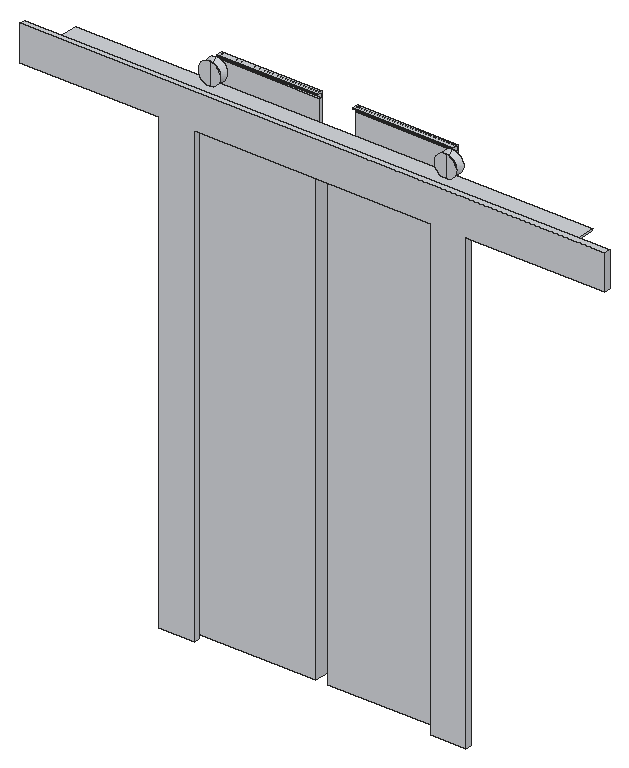
Revit family "Mark IV Horizontal Bi Parting (Manual)", category Doors, host Wall, Revit 2014
Parameters (values of type "Mark IV Horizontal Bi Parting (Manual)")
  Windows [instance] = Windows : 5" X 20"
  WIC = 40"
  Swing Angle [instance] = 45.00°
  Shutter = none
  PUSH-Side [instance] = Latches : Lever
  PUSH-KickPlate [instance] = KickPlate : 10"
  OVERALL FRAME WIDTH = WIC + 4"  # 44"
  OVERALL FRAME HEIGHT = HIC + 2"  # 79 1/2"
  PULL-Side [instance] = Latches : Lever
  PULL-KickPlate [instance] = KickPlate : 10"
  Hinges [instance] = Hinges : SS BallBearing
  HIC = 77 1/2"
  Function = Interior
  Frame Projection Ext. = 1"
  Frame Projection Int. = 1"
  Frame Width = 3"
  Height = 60"
  Wall Closure = By host
  Width = 36"
  Frame = none
  LATCH STRIKE TAPPING BAR = 41"
  DOOR CLOSER = 14"
  Closure Offset = 8"
  Closer [instance] = yes
  Clearance Required = (2 * WIC) + 19"  # 99"
  Analytic Construction = "<None>"
Reference planes (in)
  plane 1 "Center (Front/Back)": y = 0
  plane 2 "Center (Left/Right)": x = 0
  plane 3 "Exterior": y = 4
  plane 4 "Interior": y = -4
  plane 5: x = 20
  plane 6: x = -20
  plane 7 "HIC": z = 77.5
  plane 8: y = 6
  plane 9: x = -22
  plane 10: z = 79.5
  plane 11: y = 4.98652
  plane 12: y = 10
  plane 13: z = 83.5
  plane 14 "Panel L": x = 21.98977
  plane 15: x = -24
  plane 16: z = 79.5
  plane 17: z = 0
  plane 18: z = 51.48172
  plane 19: x = 21.98977
  plane 20: x = 27.98977
  plane 21: x = -49.5
  plane 22: y = 5
  plane 23: y = 10.5625
  plane 24: x = -43.75
  plane 25 "panel r": x = -22
  plane 26: x = 26
  plane 27: x = -86.69812
  plane 28: x = -80.69812
  plane 29: x = -82.51869
  plane 30: x = -51.23744
  plane 31: x = -49.14639
  plane 32: x = -17.80245
  plane 33: x = -19.69812
  plane 34: x = -50.18194
  plane 35: x = 1
  plane 36: x = -1
  plane 37: x = -55.98744
  plane 38: x = -44.68194
  plane 39: x = 49.5
  plane 40: x = 43.75
  plane 41: x = 3
  plane 42: x = -3
Forms (in)
  Extrusion 1, solid, material <- "Shutter"
    sketch origin (0, 5, 0) x (1, 0, 0) y (0, 0, 1)
      loop
        line (21.98977, 79.5) -> (1, 79.5) -> (1, 0) -> (21.98977, 0) -> (21.98977, 79.5)
    from -5 to -1
  Extrusion 2, solid, material <- "Frame"
    sketch origin (0, 0, 0) x (1, 0, 0) y (0, 1, 0)
      loop
        line (20, 4) -> (26, 4) -> (26, 5) -> (20, 5) -> (20, 4)
    from 0 to 83.5
  Extrusion 3, solid, material <- "Frame"
    sketch origin (-69.98977, 0, 0) x (1, 0, 0) y (0, 1, 0)
      loop
        line (43.98977, 4) -> (49.98977, 4) -> (49.98977, 5) -> (43.98977, 5) -> (43.98977, 4)
    from 0 to 83.5
  Extrusion 4, solid, material <- "Frame"
    sketch origin (0, 0, 0) x (1, 0, 0) y (0, 0, 1)
      loop
        line (49.5, 83.5) -> (-49.5, 83.5) -> (-49.5, 77.5) -> (49.5, 77.5) -> (49.5, 83.5)
    from -5 to -4
  Sweep 5, solid
    path origin (0, 0, 0) x (1, 0, 0) y (0, 0, 1)
      loop
        line (43.75, 83.5) -> (-43.75, 83.5)
    profile origin (0, 0, 83.5) x (0, 0, -1) y (0, -1, 0)
      loop
        line (0.5, -5) -> (0.5, -8.58617) -> (0.78125, -8.30492) -> (0.78125, -5.23652) -> (3.5, -5.23652) -> (3.5, -5) -> (0.5, -5)
  Sweep 6, solid
    path origin (0, 0, 0) x (1, 0, 0) y (0, 0, 1)
      loop
        line (-3, 87.5) -> (-20, 87.5)
    profile origin (-11.5, 0, 87.5) x (0, 0, -1) y (0, -1, 0)
      loop
        line (1.40922, -9.32799) -> (1.40922, -9.6822) -> (0.74593, -9.6822)
        arc (0.74593, -9.6822) -> (0.68178, -9.62086) -> (0.65817, -9.5353) r 0.16683
        line (0.65817, -9.5353) -> (0.65817, -8.76109) -> (0.54276, -8.76109) -> (0.54276, -9.81212) -> (6.11057, -9.81212)
        arc (6.11057, -9.81212) -> (6.17753, -9.76735) -> (6.2223, -9.70039) r 0.2067
        line (6.2223, -9.70039) -> (6.2223, -8.75329) -> (6.11057, -8.75329) -> (6.11057, -9.6822) -> (5.37644, -9.6822)
        arc (5.37644, -9.6822) -> (5.85233, -9.48508) -> (6.04945, -9.00919) r 0.67301
        line (6.04945, -9.00919) -> (6.04945, -6.75919) -> (5.65982, -6.75919) -> (5.65982, -9.00919)
        arc (5.65982, -9.00919) -> (5.45596, -9.24152) -> (5.15922, -9.32799) r 0.55243
        line (5.15922, -9.32799) -> (1.40922, -9.32799)
  Extrusion 7, solid, material <- "Shutter"
    sketch origin (0, 5, 0) x (1, 0, 0) y (0, 0, 1)
      loop
        line (-1, 79.5) -> (-24, 79.5) -> (-24, 0) -> (-1, 0) -> (-1, 79.5)
    from -5 to -1
  Sweep 8, solid
    path origin (0, 0, 0) x (1, 0, 0) y (0, 0, 1)
      loop
        line (20, 87.5) -> (3, 87.5)
    profile origin (11.5, 0, 87.5) x (0, 0, -1) y (0, -1, 0)
      loop
        line (1.40922, -9.32799) -> (1.40922, -9.6822) -> (0.74593, -9.6822)
        arc (0.74593, -9.6822) -> (0.68178, -9.62086) -> (0.65817, -9.5353) r 0.16683
        line (0.65817, -9.5353) -> (0.65817, -8.76109) -> (0.54276, -8.76109) -> (0.54276, -9.81212) -> (6.11057, -9.81212)
        arc (6.11057, -9.81212) -> (6.17753, -9.76735) -> (6.2223, -9.70039) r 0.2067
        line (6.2223, -9.70039) -> (6.2223, -8.75329) -> (6.11057, -8.75329) -> (6.11057, -9.6822) -> (5.37644, -9.6822)
        arc (5.37644, -9.6822) -> (5.85233, -9.48508) -> (6.04945, -9.00919) r 0.67301
        line (6.04945, -9.00919) -> (6.04945, -6.75919) -> (5.65982, -6.75919) -> (5.65982, -9.00919)
        arc (5.65982, -9.00919) -> (5.45596, -9.24152) -> (5.15922, -9.32799) r 0.55243
        line (5.15922, -9.32799) -> (1.40922, -9.32799)
Cuts and joins
  joined: Extrusion 2, Extrusion 3, Extrusion 4
Lines and regions (in)
  Opening 1
    outline origin (-60, -4, 0) x (1, 0, 0) y (0, 0, 1)
      loop
        line (80, 77.5) -> (40, 77.5) -> (40, 0) -> (80, 0) -> (80, 77.5)
Text (in)
  text "Exterior" at (-74.96733, 27.31104, 0), in view "Ref. Level"
  text "Interior" at (-74.96733, -25.14366, 0), in view "Ref. Level"
  text "Exterior" at (0, 40.15149, 123.01588), in view "Right"
  text "Interior" at (0, -64.39139, 123.01588), in view "Right"
  text "Interior" at (0, -31.01599, 123.00693), in view "Left"
  text "Exterior" at (0, 54.57065, 123.00693), in view "Left"
Dimensions and locks (in)
  equal spacing: plane 6, plane 2 "Center (Left/Right)", plane 5
  "HIC": level to plane 7 "HIC"
  "WIC": plane 6 to plane 5
  locked: plane 9 to plane 6 at 2
  locked: plane 7 "HIC" to plane 10 at 2
  locked: Extrusion 2 sketch curve to Extrusion 2 sketch curve at 6
  locked: Extrusion 2 sketch curve to Extrusion 2 sketch curve at 1
  locked: Extrusion 3 sketch curve to Extrusion 3 sketch curve at 6
  locked: Extrusion 3 sketch curve to Extrusion 3 sketch curve at 1
  locked: plane 3 "Exterior" to plane 8 at 2
  locked: plane 12 to plane 8 at 4
  locked: plane 7 "HIC" to plane 13 at 6
  locked: plane 7 "HIC" to plane 16 at 2
  locked: plane 15 to plane 6 at 4
  plane 5 to plane 14 "Panel L" = 1.98977"
  locked: plane 5 to plane 19 at 1.98977
  Extrusion 4 sketch curve to Extrusion 4 sketch curve = 6"
  locked: plane 7 "HIC" to Extrusion 4 at 6
  plane 20 to plane 14 "Panel L" = 6"
  locked: plane 3 "Exterior" to plane 22 at 1
  locked: plane 21 to plane 24 at 5.75
  locked: plane 7 "HIC" to Sweep 6 sketch curve at 10
  locked: plane 7 "HIC" to Sweep 5 sketch curve at 6
  locked: cut or joined group of Extrusion 2, Extrusion 3, Extrusion 4 to plane 3 "Exterior" at 1
  locked: Sweep 6 sketch curve to plane 3 "Exterior" at 5.32799
  locked: plane 5 to plane 26 at 6
  locked: plane 25 "panel r" to plane 6 at 2
  locked: nested 1 to plane 3 "Exterior" at 3.9231
  locked: nested 2 to plane 3 "Exterior" at 3.9231
  locked: nested 1 to plane 16 at 5.34361
  locked: level to nested 3 at 43
  locked: plane 2 "Center (Left/Right)" to plane 35 at 1
  locked: plane 36 to plane 2 "Center (Left/Right)" at 1
  locked: plane 2 "Center (Left/Right)" to nested 3 at 6
  locked: nested 4 to plane 2 "Center (Left/Right)" at 6
  locked: level to nested 4 at 43
  locked: plane 39 to plane 40 at 5.75
  equal spacing: plane 39, plane 2 "Center (Left/Right)", plane 21
  "Clearance Required": plane 39 to plane 21
  locked: plane 41 to plane 35 at 2
  locked: plane 36 to plane 42 at 2
  aligned and locked: plane 3 "Exterior" to host wall
  aligned and locked: plane 4 "Interior" to host wall
  aligned and locked: Opening 1 sketch curve to level
  aligned and locked: host wall to Extrusion 1 sketch curve
  aligned and locked: plane 3 "Exterior" to Extrusion 2 sketch curve
  aligned and locked: Extrusion 2 sketch curve to host wall
  aligned and locked: Opening 1 sketch curve to plane 7 "HIC"
  aligned and locked: plane 24 to Sweep 5 sketch curve
  aligned and locked: Sweep 5 sketch curve to plane 22
  aligned and locked: plane 5 to Opening 1 sketch curve
  aligned and locked: Opening 1 sketch curve to plane 6
  aligned and locked: plane 26 to cut or joined group of Extrusion 2, Extrusion 3, Extrusion 4
  aligned and locked: Extrusion 1 sketch curve to plane 19
  aligned and locked: Extrusion 3 sketch curve to plane 6
  aligned and locked: nested 1 to plane 6
  aligned and locked: nested 2 to plane 5
  aligned and locked: nested 1 to nested 2
  aligned and locked: plane 6 to Sweep 6 sketch curve
  aligned and locked: Extrusion 4 sketch curve to plane 21
  aligned and locked: cut or joined group of Extrusion 2, Extrusion 3, Extrusion 4 to plane 13  (x2)
  aligned and locked: nested 2 to nested 1
  aligned and locked: Extrusion 1 to plane 35
  aligned and locked: Extrusion 7 to plane 36
  aligned and locked: Extrusion 7 to plane 15
  aligned and locked: plane 39 to cut or joined group of Extrusion 2, Extrusion 3, Extrusion 4
  aligned and locked: plane 40 to Sweep 5 sketch curve
  aligned and locked: plane 41 to Sweep 8 sketch curve
  aligned and locked: Sweep 6 sketch curve to plane 42
Automatic sketch dimensions
  plane 22 to Extrusion 3 sketch curve = 0"
  Sweep 5 sketch curve to profile plane = 1/2"
  Sweep 5 sketch curve to Sweep 5 sketch curve = 9/32"  (x2)
  Sweep 5 sketch curve to Sweep 5 sketch curve = 2 23/32"
  Sweep 5 sketch curve to Sweep 5 sketch curve = 0.23652"
  Sweep 5 sketch curve to Sweep 5 sketch curve = 3.0684"
  Sweep 6 sketch curve to profile plane = 0.54276"
  Sweep 6 sketch curve to Sweep 6 sketch curve = 0.11541"
  Sweep 6 sketch curve to Sweep 6 sketch curve = 0.08776"
  Sweep 6 sketch curve to Sweep 6 sketch curve = 0.07907"
  Sweep 6 sketch curve to Sweep 6 sketch curve = 0.58422"
  Sweep 6 sketch curve to Sweep 6 sketch curve = 3 3/4"
  Sweep 6 sketch curve to Sweep 6 sketch curve = 0.21722"
  Sweep 6 sketch curve to Sweep 6 sketch curve = 0.28337"
  Sweep 6 sketch curve to Sweep 6 sketch curve = 0.65493"
  Sweep 6 sketch curve to Sweep 6 sketch curve = 0.38964"
  Sweep 6 sketch curve to Sweep 6 sketch curve = 0.06111"
  Sweep 6 sketch curve to Sweep 6 sketch curve = 0"  (x2)
  Sweep 6 sketch curve to Sweep 6 sketch curve = 0.11173"
  Sweep 6 sketch curve to Sweep 6 sketch curve = 0.20731"
  Sweep 6 sketch curve to Sweep 6 sketch curve = 0.2932"
  Sweep 6 sketch curve to Sweep 6 sketch curve = 0.06101"
  Sweep 6 sketch curve to Sweep 6 sketch curve = 0.01818"
  Sweep 6 sketch curve to Sweep 6 sketch curve = 0.77421"
  Sweep 6 sketch curve to Sweep 6 sketch curve = 0.2559"
  Sweep 6 sketch curve to Sweep 6 sketch curve = 1.9941"
  Extrusion 1 sketch curve to plane 16 = 0"
  plane 7 "HIC" to Extrusion 4 sketch curve = 0"
  Extrusion 7 sketch curve to plane 16 = 0"
  plane 25 "panel r" to Extrusion 7 sketch curve = 2"
  Extrusion 7 sketch curve to level = 0"
  Extrusion 7 sketch curve to plane 14 "Panel L" = 22.98977"
  Extrusion 1 sketch curve to plane 25 "panel r" = 23"
  plane 26 to Extrusion 4 sketch curve = 23 1/2"
  plane 5 to Sweep 8 sketch curve = 0"
  Sweep 8 sketch curve to plane 13 = 4"
  Sweep 8 sketch curve to profile plane = 0.54276"
  Sweep 8 sketch curve to Sweep 8 sketch curve = 0.11541"
  Sweep 8 sketch curve to Sweep 8 sketch curve = 0.08776"
  Sweep 8 sketch curve to Sweep 8 sketch curve = 0.07907"
  Sweep 8 sketch curve to Sweep 8 sketch curve = 0.58422"
  Sweep 8 sketch curve to Sweep 8 sketch curve = 3 3/4"
  Sweep 8 sketch curve to Sweep 8 sketch curve = 0.21722"
  Sweep 8 sketch curve to Sweep 8 sketch curve = 0.28337"
  Sweep 8 sketch curve to Sweep 8 sketch curve = 0.65493"
  Sweep 8 sketch curve to Sweep 8 sketch curve = 0.38964"
  Sweep 8 sketch curve to Sweep 8 sketch curve = 0.06111"
  Sweep 8 sketch curve to Sweep 8 sketch curve = 0"  (x2)
  Sweep 8 sketch curve to Sweep 8 sketch curve = 0.11173"  (x2)
  Sweep 8 sketch curve to plane 1 "Center (Front/Back)" = 9.81212"
  Sweep 8 sketch curve to Sweep 8 sketch curve = 0.06101"
  Sweep 8 sketch curve to Sweep 8 sketch curve = 0.12991"
  Sweep 8 sketch curve to Sweep 8 sketch curve = 0.35422"
  Sweep 8 sketch curve to Sweep 8 sketch curve = 0.77421"
  Sweep 8 sketch curve to Sweep 8 sketch curve = 0.2559"
  Sweep 8 sketch curve to Sweep 8 sketch curve = 1.9941"
Nested families (in)
  nested 1: "Roller" at (-20, 7.9231, 82.99986), type "Roller"
  nested 2: "Roller" at (20, 7.9231, 82.99986), type "Roller"
  nested 3: "Handle" at (6, 10, 43) x (-1, 0, 0) z (0, 1, 0), type "Handle", detail levels fine
  nested 4: "Handle" at (-6, 10, 43) x (1, 0, 0) z (0, 1, 0), type "Handle", detail levels fine
Definition of nested family "Roller"
  Reference planes (in)
    plane 1 "Center (Front/Back)": y = 0
    plane 2: z = 0
    plane 3 "Center (Left/Right)": x = 0
    plane 4: z = 1.84375
  Forms (in)
    Revolve 1, solid
      sketch origin (0, -6.4231, -89.40625) x (0, 1, 0) y (0, 0, 1)
        loop
          line (7.82799, 91.25) -> (7.82799, 91.75033) -> (7.17174, 91.75033) -> (7.17174, 93.09375) -> (6.42174, 92.34375) -> (5.67174, 93.09375) -> (5.67174, 91.25) -> (7.82799, 91.25)
        axis (7.82799, 91.25) -> (5.67174, 91.25)
      angle from 0 to 360
  Dimensions and locks (in)
    aligned and locked: plane 2 to level
Definition of nested family "Handle"
  Parameters (values of type "Handle")
    Default Elevation = 48"
  Reference planes (in)
    plane 1 "Center (Front/Back)": y = 0
    plane 2: z = 0
    plane 3 "Center (Left/Right)": x = 0
  Forms (in)
    Extrusion 1, solid
      sketch origin (0, 0, 0) x (1, 0, 0) y (0, 1, 0)
        loop
          line (-48, 48) -> (-48, -48) -> (48, -48) -> (48, 48) -> (-48, 48)
      from 0 to -12
    Extrusion 2, solid
      sketch origin (0, 0, 0) x (0, 1, 0) y (0, 0, 1)
        loop
          line (-3.80932, 0) -> (-2.36661, 0) -> (-2.36661, 0.29687)
          arc (-2.36661, 0.29687) -> (-2.22902, 1.02391) -> (-1.82375, 1.64299) r 1.89692
          line (-1.82375, 1.64299) -> (0, 1.64299) -> (1.82375, 1.64299)
          arc (1.82375, 1.64299) -> (2.22902, 1.02391) -> (2.36661, 0.29687) r 1.89692
          line (2.36661, 0.29687) -> (2.36661, 0) -> (3.80932, 0) -> (3.80932, 0.29687) -> (2.81019, 0.29687)
          arc (2.81019, 0.29687) -> (2.5914, 1.27762) -> (1.96409, 2.06262) r 2.22895
          line (1.96409, 2.06262) -> (0, 2.06262) -> (-1.96409, 2.06262)
          arc (-1.96409, 2.06262) -> (-2.5914, 1.27762) -> (-2.81019, 0.29687) r 2.22895
          line (-2.81019, 0.29687) -> (-3.80932, 0.29687) -> (-3.80932, 0)
      from -3.09244 to 4.26058
    Extrusion 3, void
      sketch origin (0, 0, 0) x (1, 0, 0) y (0, 1, 0)
        loop
          line (-0.5, 1.7903) -> (-0.5, 0.82375) -> (-0.60688, 0.82375) -> (-0.60688, -0.7903) -> (-0.5, -0.7903) -> (-0.5, -1.7903)
          arc (-0.5, -1.7903) -> (-0.6574, -2.48734) -> (-1.09906, -3.0491) r 1.62209
          arc (-1.09906, -3.0491) -> (0.009, -3.85787) -> (1.1397, -3.08107) r 1.18676
          arc (1.1397, -3.08107) -> (0.6687, -2.51059) -> (0.5, -1.7903) r 1.62209
          line (0.5, -1.7903) -> (0.5, -0.7903) -> (0.60688, -0.7903) -> (0.60688, 0.82375) -> (0.5, 0.82375) -> (0.5, 1.7903)
          arc (0.5, 1.7903) -> (0.6687, 2.51059) -> (1.1397, 3.08107) r 1.62209
          arc (1.1397, 3.08107) -> (0.009, 3.85787) -> (-1.09906, 3.0491) r 1.18676
          arc (-1.09906, 3.0491) -> (-0.6574, 2.48734) -> (-0.5, 1.7903) r 1.62209
        loop
          line (-3.20398, 4.60753) -> (-3.20398, -4.64247) -> (5.04602, -4.64247) -> (5.04602, 4.60753) -> (-3.20398, 4.60753)
      from 0 to 3.13683
  Cuts and joins
    Extrusion 3 cuts Extrusion 2
  Dimensions and locks (in)
    aligned and locked: plane 2 to Extrusion 1
    aligned and locked: level to Extrusion 1
